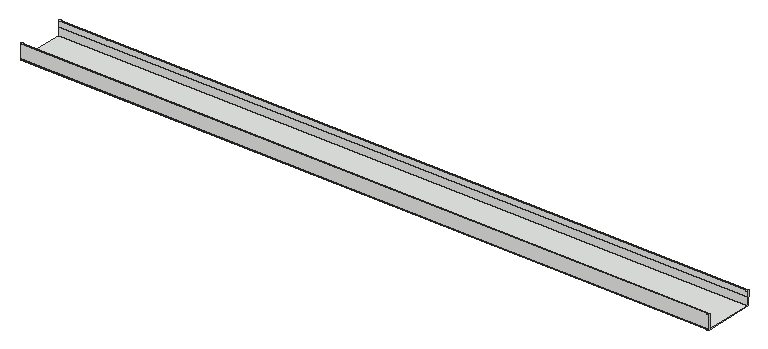
Revit family "profiles PR736 2015", category Generic Models, Revit 2015
Parameters (values of type "ISOLAMIN PR736 flashing")
  Profile Length [instance] = 1180 mm
Reference planes
  plane 1 "Center (Front/Back)": y = 0
  plane 2: z = 0
  plane 3 "Center (Left/Right)": x = 0
  plane 4: x = 1180
Forms (mm)
  Extrusion 1, solid, material "ISOLAMIN Surface Material"
    sketch origin (0, 62.028, -38.621) x (0, 1, 0) y (0, 0, 1)
      loop
        arc (-62.96, 38.501) -> (-62.252, 38.794) -> (-61.96, 39.501) r 1
        line (-61.96, 39.501) -> (-61.96, 62.801)
        arc (-61.96, 62.801) -> (-62.96, 63.512) -> (-63.96, 62.801) r 1.059
        line (-63.96, 62.801) -> (-63.96, 53.501) -> (-62.96, 53.501) -> (-62.96, 39.501) -> (-144.76, 39.501) -> (-144.76, 53.501) -> (-143.76, 53.501) -> (-143.76, 62.801)
        arc (-143.76, 62.801) -> (-144.76, 63.545) -> (-145.76, 62.801) r 1.044
        line (-145.76, 62.801) -> (-145.76, 39.501)
        arc (-145.76, 39.501) -> (-145.467, 38.794) -> (-144.76, 38.501) r 1
        line (-144.76, 38.501) -> (-62.96, 38.501)
    from 0 to 1180
Dimensions and locks
  "Profile Length": plane 3 "Center (Left/Right)" to plane 4
  aligned and locked: level to plane 2
  aligned and locked: plane 4 to Extrusion 1
Automatic sketch dimensions
  plane 1 "Center (Front/Back)" to Extrusion 1 sketch curve = 0.932 mm
  Extrusion 1 sketch curve to level = 0.12 mm
  Extrusion 1 sketch curve to Extrusion 1 sketch curve = 1 mm  (x5)
  Extrusion 1 sketch curve to Extrusion 1 sketch curve = 0 mm  (x3)
  level to Extrusion 1 sketch curve = 0.88 mm
  Extrusion 1 sketch curve to Extrusion 1 sketch curve = 81.8 mm
  Extrusion 1 sketch curve to Extrusion 1 sketch curve = 14 mm
  Extrusion 1 sketch curve to Extrusion 1 sketch curve = 9.3 mm  (x2)
  Extrusion 1 sketch curve to Extrusion 1 sketch curve = 0.348 mm
  Extrusion 1 sketch curve to Extrusion 1 sketch curve = 23.3 mm
  Extrusion 1 sketch curve to Extrusion 1 sketch curve = 0.301 mm
